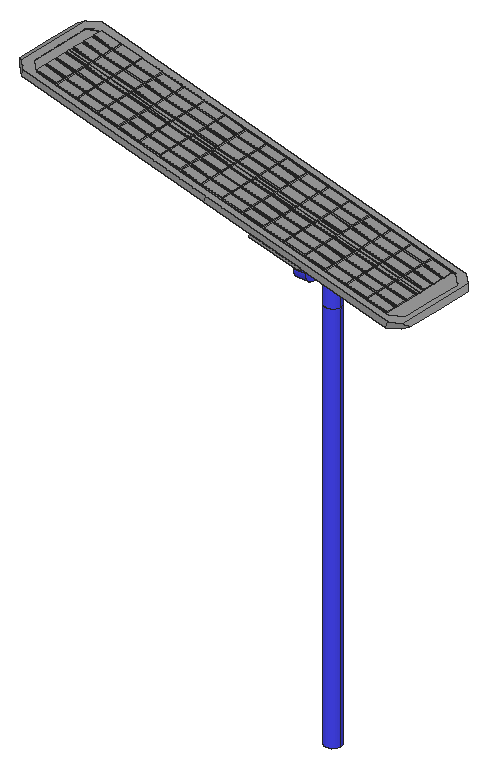
Revit family "BLS-10 & 8A", category Lighting Fixtures, host Face, Revit 2023 (continued)
Types (3, lengths in ft): name | Wattage Comments | Wattage | Type Comments | Photometric Web File | built-in parameter 1150142 | Model | built-in parameter 1150105 | Lumens | built-in parameter 1150106 | Description
  BLS-8A | "45.3" | 45.3 W | "APPLICATION: The BLS-8A is ideal for temporary lighting, \r\npathways, parking areas, public walkways, parks and roads.\r\nSPECIFICATIONS\r\nSolar Panel 75W, 16.2V\r\nLI-ION Battery 577.2 Wh, 39 Ah, 14.8V\r\nLumen Output\r\n3030 LEDS 180-190lpw @ 150mA, 5.8-6V\r\nOperation Time 36 hrs (after full charge)\r\nDischarge Time\r\nDischarge Operating Temperature -20° to 60°C (-4° to 140°F)\r\nCharge Time 10-12 hrs minimum\r\nCharge Operating Temperature 0° to 60°C ( 32° to 140°F)\r\nMin. Solar Direct Normal Irradiance 0.2 KWh/m2\r\nOperation Mode (Green Light) 5 hrs @ 100% + 7 hrs @ 30%\r\n(+ PIR 100%)\r\nOperation Mode (Orange Light) 5 hrs @ 70% + 7 hrs @ 30%\r\n(+ PIR 100%)\r\nOperation Mode (Red Light) 12 hrs @ 30% (+ PIR 100%)\r\nMounting Height 19 - 26 ft\r\nEffective Projected Area (EPA) 6.4 ft2\r\nCertifications IP65 / ROHS / FCC\r\nWeight 45.0 lb / 20.4 kg\r\nWarranty 3 years\r\nUpon proper installation and start-up, Beghelli does not guarantee product performance meets specified performance levels. Unknown \r\nenvironmental conditions effect performance. In no event shall Beghelli be liable for special, incidental or consequential damages related directly or \r\nindirectly to the lack of product functionality and / or performance. \r\nADVANTAGES\r\n• Integrated Solution\r\n• Environmentally Friendly\r\n• Easy Installation\r\n• $0 Energy Costs\r\n• PIR Motion Sensor\r\n• 3 Lighting Modes\r\nEXTRUDED ALUMINUM FRAMING \r\nWITH CLEAR ANODIZED FINISH\r\nSOLAR PANEL - 75W\r\nOPERATION MODES SWITCH\r\n(on/ off- depress long 1.5 sec)\r\n61.5\"\r\n15\"\r\n381 mm\r\n1563 mm\r\nOPERATION MODES \r\nLIGHT INDICATOR\r\nFABRICATED STEEL POST TOP MOUNTING \r\nBRACKET WITH GRAY PAINTED FINISH\r\n160 MID POWER LED\r\nPIR MOTION SENSOR\r\nSLIP-FIT FOR 2.75\" O.D \r\nX 5\" LONG TENON\r\n2.75\" O.D X 5\" TENON/\r\nPOLE (BY OTHERS)\r\nBATTERY\r\n6518 lm @ 5700°K\r\n1\r\n (5 SCDM)\r\n(2)\r\nSET SCREWS (PROVIDED)\r\nBLS-8A\r\nType II / B2-U1-G1\r\nSystem Power Delivery 45.3W\r\nThe LUCE SOLARE BLS-8A is a solar street and area lighting \r\nsolution that integrates the solar panel, battery and LED module \r\ninto a single low-profile fixture. BLS-8A utilitizes battery \r\ntechnology that will not drain below 10% capacity to \r\nensure reliable re-charge for maximum performance.\r\nThe BLS-8A design eliminates bulky external battery \r\nboxes, while maximizing light output by using high \r\nefficiency mono-crystalline silicon solar cells and LEDs.\r\nThe BLS-8A incorporates a night sensor that detects \r\nambient light to automatically turn the fixture on/off. An \r\ni" | "BLS-8A-5700°K.ies" | "IESNA:LM-63-2002\r\n[TEST] -         \r\n[TESTLAB] BEGHELLI         \r\n[TESTDATE] 2017-2-14         \r\n[ISSUEDATE] 2017-2-14 15:9:47        \r\n[NEARFIELD]          \r\n[LAMPPOSITION] \"0,0\"         \r\n[OTHER] \r\n[MANUFAC] BEGHELLI\r\n[LUMCAT] BLS-8A-5700°K         \r\n[OTHER] TOTAL LUMINAIRE WATTS REPRESENT LUMINAIRE POWER DELIVERY\r\nTILT=NONE\r\n1 8148.29 0.8 181 17 1 2 0 0 0\r\n1 1 45.3\r\n0 1 2 3 4 5 6 7 8 9 10 11 12 13 14 15 16 17 18 19 20 21 22 23 24 25 26 27 28 29 30 31 32 33 34 35 36 37 38 39 40 41 42 43 44 45 46 47 48 49 50 51 52 53 54 55 56 57 58 59 60 61 62 63 64 65 66 67 68 69 70 71 72 73 74 75 76 77 78 79 80 81 82 83 84 85 86 87 \r\n88 89 90 91 92 93 94 95 96 97 98 99 100 101 102 103 104 105 106 107 108 109 110 111 112 113 114 115 116 117 118 119 120 121 122 123 124 125 126 127 128 129 130 131 132 133 134 135 136 137 138 139 140 141 142 143 144 145 146 147 148 149 150 151 152 153 154\r\n 155 156 157 158 159 160 161 162 163 164 165 166 167 168 169 170 171 172 173 174 175 176 177 178 179 180\r\n0 22.5 45 67.5 90 112.5 135 157.5 180 202.5 225 247.5 270 292.5 315 337.5 360\r\n2778.373 2776.36 2769.34 2760.71 2753.45 2749.21 2738.30 2723.71 2716.47 2713.69 2716.39 2722.41 2736.17 2743.92 2750.02 2751.42 2751.50 2766.57 2790.61 2808.37 2818.06 2832.08 2837.95 2839.33 2821.98 2776.76 2733.98 2686.47 2641.99 2596.19 2559.61 \r\n2525.13 2490.60 2453.51 2424.92 2394.20 2354.50 2307.43 2249.64 2164.99 2074.62 1998.02 1920.44 1852.02 1794.89 1751.95 1720.49 1718.21 1751.54 1876.69 2059.71 2027.12 1761.07 1506.84 1210.74 982.33 846.50 755.90 698.94 651.11 615.18 587.06 560.90 540.70 \r\n513.01 487.00 455.30 449.69 433.87 426.64 410.50 394.76 385.15 366.18 353.79 345.22 345.64 341.08 262.60 185.68 136.72 130.51 137.93 79.76 40.56 32.41 22.56 14.25 8.53 3.32 0.00 0.00 0.00 0.00 0.00 0.00 0.00 0.00 0.00 0.00 0.00 0.00 0.00 0.00 0.00 0.00 \r\n0.00 0.00 0.00 0.00 0.00 0.00 0.00 0.00 0.00 0.00 0.00 0.00 0.00 0.00 0.00 0.00 0.00 0.00 0.00 0.00 0.00 0.00 0.00 0.00 0.00 0.00 0.00 0.00 0.00 0.00 0.00 0.00 0.00 0.00 0.00 0.00 0.00 0.00 0.00 0.00 0.00 0.00 0.00 0.00 0.00 0.00 0.00 0.00 0.00 0.00 0.00 \r\n0.00 0.00 0.00 0.00 0.00 0.00 0.00 0.00 0.00 0.00 0.00 0.00 0.00 0.00 0.00 0.00 0.00 0.00 0.00 0.00 0.00 0.00 0.00 0.00\r\n2778.373 2777.09 2772.04 2759.65 2746.29 2739.19 2733.98 2725.51 2722.08 2722.08 2729.58 2739.36 2747.75 2749.78 2758.09 2771.13 2783.43 2791.10 2796.71 2803.32 2803.00 2795.58 2789.96 2787.92 2781.49 2776.68 2767.05 2746.29 2718.98 2682.73 2639.21 \r\n2593.10 2541.26 2490.52 2446.51 2409.51 2371.05 2329.42 2283.87 2222.68 2154.30 2081.37 1994.11 1915.39 1833.26 1759.60 1701.51 1656.04 1637.46 1634.37 1660.20 1810.78 1956.80 1866.27 1603.41 1381.44 1161.60 1022.44 922.45 869.17 820.43 782.05 744.25 \r\n704.49 669.94 639.63 608.49 591.46 575.75 556.84 532.06 516.34 491.66 475.11 460.86 436.33 409.52 371.06 347.34 327.79 295.76 228.70 173.78 122.62 116.26 91.48 47.57 32.33 25.40 17.41 10.34 3.24 0.08 0.00 0.00 0.00 0.00 0.00 0.00 0.00 0.00 0.00 0.00 0.00 \r\n0.00 0.00 0.00 0.00 0.00 0.00 0.00 0.00 0.00 0.00 0.00 0.00 0.00 0.00 0.00 0.00 0.00 0.00 0.00 0.00 0.00 0.00 0.00 0.00 0.00 0.00 0.00 0.00 0.00 0.00 0.00 0.00 0.00 0.00 0.00 0.00 0.00 0.00 0.00 0.00 0.00 0.00 0.00 0.00 0.00 0.00 0.00 0.00 0.00 0.00 0.00 \r\n0.00 0.00 0.00 0.00 0.00 0.00 0.00 0.00 0.00 0.00 0.00 0.00 0.00 0.00 0.00 0.00 0.00 0.00 0.00 0.00 0.00 0.00 0.00 0.00 0.40 0.00\r\n2778.373 2785.97 2785.16 2770.24 2755.01 2744.16 2743.51 2751.34 2764.05 2772.28 2778.55 2782.70 2786.37 2786.05 2786.05 2772.77 2756.63 2743.51 2731.94 2723.38 2722.89 2722.41 2703.34 2682.49 2669.76 2651.52 2644.51 2642.07 2638.80 2632.77 2626.74 \r\n2616.48 2605.15 2589.26 2572.32 2547.14 2536.94 2527.74 2515.19 2493.92 2468.43 2444.80 2418.24 2384.50 2339.93 2282.23 2223.65 2166.12 2098.66 2007.56 1904.81 1834.57 1788.36 1772.40 1769.79 1768.40 1783.15 1856.98 1820.06 1696.62 1557.28 1414.04 1317.73\r\n 1259.78 1218.16 1186.62 1168.61 1156.31 1132.91 1110.83 1054.86 967.35 866.88 775.30 692.99 630.75 582.42 551.46 516.66 480.24 431.93 374.32 323.95 289.65 270.19 233.75 187.49 148.11 120.01 100.70 68.68 44.64 18.65 5.53 0.00 0.00 0.00 0.00 0.00 0.00 0.00\r\n 0.00 0.00 0.00 0.00 0.00 0.00 0.00 0.00 0.00 0.00 0.00 0.00 0.00 0.00 0.00 0.00 0.00 0.00 0.00 0.00 0.00 0.00 0.00 0.00 0.00 0.00 0.00 0.00 0.00 0.00 0.00 0.00 0.00 0.00 0.00 0.00 0.00 0.00 0.00 0.00 0.00 0.00 0.00 0.00 0.00 0.00 0.00 0.00 0.00 0.00 0.00\r\n 0.00 0.00 0.00 0.00 0.00 0.00 0.00 0.00 0.00 0.00 0.00 0.00 0.00 0.00 0.00 0.00 0.00 0.00 0.00 0.00 0.40 0.40 0.40 0.40 0.40 0.40 0.40 0.40 0.00\r\n2778.373 2786.37 2778.47 2755.98 2736.74 2724.45 2720.45 2719.55 2719.47 2718.09 2719.47 2726.00 2730.31 2731.77 2733.15 2728.51 2728.02 2729.91 2734.07 2746.45 2757.93 2761.36 2760.14 2760.54 2769.34 2775.45 2793.23 2789.31 2751.91 2725.83 2714.01 \r\n2699.36 2685.00 2685.98 2712.88 2744.65 2763.30 2759.65 2732.99 2702.85 2689.16 2693.49 2711.25 2713.36 2707.25 2698.13 2695.52 2702.45 2709.45 2712.39 2711.99 2707.01 2702.19 2698.78 2688.83 2678.74 2688.18 2662.52 2628.37 2572.57 2486.59 2380.92 2212.16\r\n 2063.87 1956.55 1792.60 1642.52 1514.99 1446.87 1474.74 1409.40 1277.81 1146.93 973.95 804.37 674.42 645.65 668.38 626.84 541.76 441.70 382.94 379.70 325.51 264.56 253.80 223.41 155.13 114.87 106.15 87.73 57.92 34.60 17.65 3.73 0.00 0.00 0.00 0.00 0.00 \r\n0.00 0.00 0.00 0.00 0.00 0.00 0.00 0.00 0.00 0.00 0.00 0.00 0.00 0.00 0.00 0.00 0.00 0.00 0.00 0.00 0.00 0.00 0.00 0.00 0.00 0.00 0.00 0.00 0.00 0.00 0.00 0.00 0.00 0.00 0.00 0.00 0.00 0.00 0.00 0.00 0.00 0.00 0.00 0.00 0.00 0.00 0.00 0.00 0.00 0.00 0.00 \r\n0.00 0.00 0.00 0.00 0.00 0.00 0.00 0.00 0.00 0.00 0.00 0.00 0.00 0.00 0.00 0.00 0.00 0.00 0.00 0.00 0.00 0.00 0.00 0.00 0.00 0.00 0.00 0.89 0.89 0.00\r\n2778.373 2792.88 2786.46 2769.42 2745.14 2733.74 2737.64 2754.34 2777.49 2798.52 2823.93 2839.83 2831.60 2819.21 2803.40 2781.81 2752.39 2724.53 2699.52 2684.11 2684.11 2683.78 2691.53 2735.20 2770.64 2766.81 2766.48 2769.18 2767.72 2757.04 2729.83 \r\n2722.49 2725.17 2741.64 2742.46 2730.31 2709.70 2693.57 2679.95 2669.76 2661.38 2650.54 2637.17 2623.97 2614.61 2605.89 2593.18 2582.50 2567.84 2548.20 2537.35 2528.63 2522.69 2525.96 2537.67 2544.28 2527.50 2472.34 2397.94 2305.05 2206.86 2089.85 1972.69\r\n 1853.96 1778.51 1762.29 1796.69 1767.19 1629.07 1462.36 1278.62 1115.15 1014.77 1036.93 1072.05 991.39 852.38 728.19 660.00 566.77 431.76 439.83 453.11 359.00 261.55 187.38 142.17 107.46 86.11 74.71 63.62 47.99 34.12 19.54 7.23 0.00 0.00 0.40 0.00 1.29 \r\n0.89 0.89 0.89 0.89 0.89 1.29 1.29 1.29 1.29 1.29 1.29 1.29 1.29 1.29 1.29 1.29 1.29 1.29 1.29 1.29 1.29 1.29 1.29 1.29 1.29 1.29 1.29 1.29 1.29 1.29 1.29 1.29 1.29 1.29 1.29 1.29 1.29 1.29 1.29 1.29 1.29 1.29 1.29 1.29 1.29 1.29 1.29 1.29 1.29 1.29 1.29 \r\n1.29 1.29 1.29 1.29 1.29 1.29 1.29 1.29 1.29 1.29 1.29 1.29 1.29 1.29 1.29 1.29 1.29 0.89 0.89 0.89 0.89 0.89 0.89 1.29 0.40 0.40 0.40 0.40 0.40 0.00\r\n2778.373 2791.50 2786.54 2768.53 2751.50 2748.40 2754.02 2777.25 2816.20 2825.57 2811.88 2778.22 2728.83 2665.94 2613.54 2578.67 2574.59 2582.66 2585.77 2579.32 2559.21 2532.87 2523.75 2529.87 2546.58 2560.02 2561.07 2552.35 2535.24 2521.80 2518.05 \r\n2516.35 2521.15 2549.17 2579.97 2591.95 2591.54 2594.57 2604.74 2615.51 2617.86 2612.16 2596.84 2582.58 2565.55 2550.41 2526.04 2500.37 2479.67 2456.70 2432.65 2403.41 2354.85 2299.68 2233.42 2165.15 2093.68 2013.42 1920.95 1834.00 1753.00 1676.97 1607.81\r\n 1538.21 1455.02 1349.58 1243.17 1143.92 1048.02 934.92 838.35 754.35 679.63 615.58 538.26 453.92 383.12 341.89 310.11 263.25 218.04 187.22 166.78 148.45 124.41 91.00 62.48 43.66 36.17 35.18 28.83 18.24 9.28 0.89 0.00 0.00 0.00 0.00 0.40 0.89 0.40 1.37 \r\n0.89 0.89 0.89 0.89 0.89 0.89 0.89 0.89 0.89 0.89 0.89 0.89 0.89 0.89 0.89 0.89 0.89 0.89 0.89 0.89 0.89 0.89 0.89 0.89 0.89 0.89 0.89 0.89 0.89 0.89 0.89 0.89 0.89 0.89 0.89 0.89 0.89 0.89 0.89 0.89 0.89 0.89 0.89 0.89 0.89 0.89 0.89 0.89 0.89 0.89 0.89 \r\n0.89 0.89 0.89 0.89 0.89 0.89 0.89 0.89 0.89 0.89 0.89 0.89 0.89 0.89 0.89 0.89 0.89 0.89 0.89 0.89 0.89 0.89 0.89 0.89 0.89 0.89 0.89 0.00\r\n2778.373 2787.35 2774.72 2753.45 2734.39 2712.88 2699.02 2684.11 2645.98 2581.61 2504.93 2431.02 2369.18 2319.71 2281.99 2272.87 2254.29 2201.90 2158.78 2135.97 2120.91 2111.12 2098.66 2084.23 2070.79 2054.57 2035.43 2013.92 1991.51 1966.08 1947.91 \r\n1936.34 1936.34 1937.23 1936.82 1936.34 1935.77 1930.97 1914.83 1893.56 1863.33 1832.94 1802.79 1778.43 1762.71 1744.45 1727.74 1709.66 1691.49 1673.41 1650.66 1614.89 1567.96 1506.27 1431.07 1351.79 1272.98 1197.30 1123.87 1060.55 1014.04 965.56 899.23 \r\n806.66 707.18 613.48 533.13 490.27 471.52 433.71 381.81 334.39 297.31 276.29 258.12 246.55 235.80 215.91 193.99 167.68 147.87 148.19 142.17 130.51 105.34 68.84 43.74 30.54 27.85 25.80 17.09 7.40 0.00 0.00 0.00 0.00 0.00 0.00 0.00 0.40 0.00 0.00 0.89 0.89 \r\n1.37 1.37 1.37 1.37 1.37 1.37 1.37 1.37 1.37 1.37 1.37 1.37 1.37 1.37 1.37 1.37 1.37 1.37 1.37 1.37 1.37 1.37 1.37 1.37 1.37 1.37 1.37 1.37 1.37 1.37 1.37 1.37 1.37 1.37 1.37 1.37 1.37 1.37 1.37 1.37 0.89 0.89 0.89 0.89 0.89 0.89 0.89 0.89 0.89 0.89 0.89 \r\n0.89 0.89 0.89 0.89 0.89 0.89 0.89 0.89 0.89 0.89 0.89 0.89 0.89 0.89 0.89 0.89 0.40 0.40 0.40 0.40 0.40 0.40 0.40 0.40 0.40 0.00\r\n2778.373 2781.73 2763.54 2729.42 2688.99 2652.81 2616.40 2547.14 2488.71 2450.83 2409.51 2355.98 2286.63 2228.70 2186.09 2152.03 2129.30 2110.87 2090.68 2069.25 2038.44 1989.14 1929.99 1863.09 1789.27 1712.60 1622.72 1531.45 1449.81 1373.87 1301.83 \r\n1237.38 1170.16 1106.35 1050.54 995.05 946.81 900.45 856.70 814.25 771.95 733.17 699.93 672.70 648.84 630.91 618.20 605.08 593.75 584.14 578.92 575.58 572.40 568.16 563.76 554.88 537.45 518.46 491.40 466.72 449.93 440.56 436.33 428.99 412.69 388.90 364.29\r\n 346.69 342.94 342.45 329.99 294.30 260.65 256.57 274.10 293.32 276.45 218.28 150.57 108.35 106.96 118.54 112.59 92.71 69.49 61.17 60.04 47.57 29.07 17.65 8.21 0.00 0.00 0.00 0.00 0.00 0.00 0.00 0.00 0.00 0.00 0.00 0.00 0.00 0.00 0.00 0.00 0.00 0.00 0.00 \r\n0.00 0.00 0.00 0.00 0.00 0.00 0.00 0.00 0.00 0.00 0.00 0.00 0.00 0.00 0.00 0.40 1.29 0.89 0.89 0.89 0.89 0.89 0.89 0.89 0.89 0.89 0.89 0.89 0.89 0.89 0.89 0.89 0.89 0.89 0.89 0.89 0.89 0.89 0.89 0.89 0.89 0.89 0.89 0.89 0.89 0.89 0.89 0.89 0.89 0.89 0.89 \r\n0.89 0.89 0.89 0.89 0.89 0.89 0.89 0.89 0.89 0.89 0.89 0.89 0.89 0.89 0.89 0.89 0.89 0.89 0.89 0.00\r\n2778.373 2780.17 2762.25 2732.59 2705.13 2673.77 2612.00 2522.53 2455.63 2416.77 2400.06 2344.00 2272.79 2229.36 2188.44 2147.31 2104.61 2058.97 2015.54 1968.29 1915.72 1845.33 1756.27 1658.56 1546.45 1419.17 1282.69 1155.73 1041.74 942.41 851.55 773.41 \r\n723.14 681.59 646.79 619.42 593.91 574.68 556.34 536.64 520.58 502.74 485.53 470.96 459.22 449.28 440.56 432.09 422.15 415.30 410.98 405.
    04 404.13 403.64 404.13 404.64 406.58 411.23 416.44 428.42 439.67 452.29 451.73 447.49 434.87 414.25 409.36 416.76 \r\n422.80 411.47 381.08 344.98 311.50 268.72 214.13 167.27 162.63 174.75 171.75 151.21 126.92 109.58 94.02 44.56 11.80 0.00 0.00 0.00 0.00 0.00 0.00 0.00 0.00 0.00 0.00 0.00 0.00 0.00 0.00 0.00 0.00 0.00 0.00 0.00 0.00 0.00 0.00 0.00 0.00 0.00 0.00 0.00 0.00\r\n 0.00 0.00 0.00 0.00 0.00 0.00 0.00 0.00 0.00 0.00 0.00 0.00 0.00 0.00 0.00 0.00 0.00 0.00 0.00 0.00 0.00 0.00 0.00 0.00 0.00 0.00 0.00 0.00 0.00 0.00 0.00 0.00 0.40 0.40 0.40 0.40 0.40 0.40 0.40 0.40 0.40 0.40 0.40 0.40 0.40 0.40 0.40 0.40 0.40 0.40 0.40\r\n 0.40 0.40 0.40 0.40 0.40 0.40 0.40 0.40 0.40 0.40 0.40 0.00 0.00 0.00 0.00 0.00 0.00\r\n2778.373 2767.64 2750.26 2728.59 2700.65 2686.81 2646.47 2572.16 2506.96 2460.76 2411.80 2339.76 2250.05 2198.97 2166.45 2144.93 2122.85 2097.11 2069.25 2032.90 1986.46 1932.02 1868.78 1801.09 1723.26 1642.36 1562.01 1491.78 1430.91 1362.13 1288.15 \r\n1214.41 1150.20 1090.87 1037.18 985.03 936.38 884.40 829.31 783.68 738.46 700.98 669.12 648.84 631.97 615.75 601.09 588.86 583.48 576.23 570.52 566.37 559.04 548.61 536.22 523.83 511.20 488.96 466.80 450.82 442.10 440.73 435.03 416.44 388.26 361.19 343.83\r\n 345.96 356.55 354.27 332.02 296.18 279.07 287.62 308.88 294.06 238.31 165.47 112.02 100.62 107.70 107.87 99.07 83.33 69.97 61.83 45.61 28.18 18.16 12.36 0.89 0.00 0.00 0.00 0.00 0.00 0.00 0.00 0.00 0.00 0.00 0.00 0.00 0.00 0.00 0.40 0.00 0.00 0.00 0.00 \r\n0.00 0.00 0.00 0.00 0.00 0.00 0.00 0.00 0.00 0.00 0.00 0.00 0.00 0.40 0.89 0.89 0.89 0.89 0.89 0.89 0.40 0.40 0.40 0.40 0.40 0.40 0.40 0.40 0.40 0.40 0.40 0.40 0.40 0.40 0.89 0.00 0.00 0.00 0.00 0.00 0.00 0.00 0.40 0.00 0.00 0.00 0.00 0.00 0.00 0.00 0.00 \r\n0.00 0.00 0.00 0.00 0.00 0.00 0.00 0.00 0.00 0.00 0.00 0.00 0.00 0.00 0.00 0.00 0.00 0.00 0.00 0.00\r\n2778.373 2756.31 2744.41 2726.64 2726.64 2726.00 2715.55 2678.25 2597.74 2506.31 2421.90 2351.66 2303.02 2280.28 2280.86 2262.60 2207.04 2160.26 2133.78 2127.82 2125.88 2120.24 2111.95 2096.62 2079.67 2058.56 2033.46 2005.27 1981.90 1960.71 1950.60 \r\n1945.06 1946.54 1951.10 1951.10 1949.05 1940.33 1930.80 1909.37 1872.87 1834.81 1809.47 1784.95 1763.60 1750.48 1739.24 1723.91 1697.27 1659.62 1612.86 1564.78 1508.72 1443.87 1368.58 1286.85 1208.04 1137.08 1078.25 1029.03 982.83 926.37 850.66 753.79 \r\n649.24 561.08 504.85 476.49 450.17 413.60 368.69 328.43 297.88 276.53 266.43 252.25 233.91 209.89 183.90 164.74 156.91 153.25 148.85 132.24 93.86 61.43 35.92 29.39 27.93 24.18 14.73 6.99 0.00 0.00 0.00 0.00 0.00 0.00 0.00 0.40 0.00 0.00 0.00 0.40 1.29 \r\n0.89 1.29 1.29 1.29 1.29 1.29 1.29 1.29 1.29 1.29 1.29 1.29 1.29 1.29 1.29 1.29 1.29 1.29 1.29 1.29 1.29 1.29 1.29 1.29 1.29 1.29 1.29 1.29 1.29 1.29 1.29 1.29 1.29 1.29 1.29 1.29 1.29 1.29 1.29 1.29 1.29 0.89 0.89 0.89 0.89 0.89 0.89 0.89 0.89 0.89 0.89 \r\n0.89 0.89 0.89 0.89 0.89 0.89 0.89 0.89 0.89 0.89 0.89 0.89 0.89 0.89 0.89 0.89 0.89 0.89 0.89 0.89 0.89 0.89 1.29 0.40 0.40 0.00\r\n2778.373 2744.81 2730.88 2733.07 2757.69 2785.48 2813.02 2827.36 2817.25 2788.16 2740.65 2678.17 2615.35 2589.44 2593.58 2611.03 2614.35 2597.66 2566.36 2521.88 2490.92 2482.27 2482.45 2492.62 2495.48 2494.74 2488.39 2486.03 2489.28 2488.87 2492.71 \r\n2516.83 2542.42 2565.71 2591.14 2607.28 2611.68 2617.62 2616.56 2607.20 2587.71 2568.90 2554.06 2537.78 2517.40 2499.06 2478.86 2458.89 2442.19 2423.53 2390.45 2343.03 2294.54 2237.75 2168.74 2089.93 2000.71 1910.02 1830.33 1750.64 1667.93 1566.49 1446.95\r\n 1333.61 1237.30 1143.84 1046.14 948.20 846.75 747.66 663.82 607.52 537.61 450.74 383.86 347.75 316.87 270.67 227.57 198.56 182.01 162.55 133.45 98.99 65.99 47.57 40.00 37.54 34.20 22.89 14.65 4.56 0.89 0.40 0.00 0.40 0.89 0.89 0.89 1.29 0.89 0.89 0.89 \r\n0.89 0.89 0.89 0.89 0.89 0.89 0.89 0.89 0.89 0.89 0.89 0.89 0.89 0.89 0.89 0.89 0.89 0.89 0.89 0.89 0.89 0.89 0.89 0.89 0.89 0.89 0.89 0.89 0.89 0.89 0.89 0.89 0.89 0.89 0.89 0.89 0.89 0.89 0.89 0.89 0.89 0.89 0.89 0.89 1.29 0.40 0.89 0.40 0.40 0.40 0.40 \r\n0.40 0.40 0.40 0.40 0.40 0.40 0.40 0.40 0.40 0.40 0.40 0.40 0.40 0.40 0.40 0.40 0.40 0.40 0.40 0.40 0.40 0.40 0.40 0.40 0.40 0.40 0.00\r\n2778.373 2731.69 2718.74 2717.76 2729.67 2754.58 2773.66 2794.93 2810.99 2824.43 2828.59 2827.28 2814.89 2791.34 2774.72 2752.31 2724.35 2706.27 2714.34 2732.50 2754.77 2791.18 2813.91 2823.69 2808.78 2797.20 2788.48 2788.83 2790.21 2794.36 2793.15 \r\n2792.64 2792.15 2782.38 2769.51 2753.61 2736.09 2726.40 2720.61 2715.07 2709.94 2709.78 2710.26 2700.57 2685.90 2671.32 2655.19 2640.11 2626.50 2622.34 2622.26 2624.15 2626.90 2612.33 2569.79 2514.22 2438.85 2348.72 2218.52 2076.57 1963.31 1922.25 1947.59\r\n 2006.50 2021.09 1949.94 1815.26 1608.94 1364.33 1276.25 1305.91 1336.06 1250.66 1099.12 967.11 892.71 868.10 644.76 484.64 440.56 363.80 313.52 265.45 207.35 156.26 111.29 89.93 73.81 55.96 37.14 27.61 15.79 7.64 1.37 0.00 0.00 0.00 0.00 0.00 0.00 0.00 \r\n0.00 0.00 0.00 0.00 0.00 0.00 0.00 0.00 0.00 0.00 0.00 0.00 0.00 0.00 0.00 0.00 0.00 0.00 0.00 0.00 0.00 0.00 0.00 0.00 0.00 0.00 0.00 0.00 0.00 0.00 0.00 0.00 0.00 0.00 0.00 0.00 0.00 0.00 0.00 0.00 0.00 0.00 0.00 0.00 0.00 0.00 0.00 0.00 0.00 0.00 0.00 \r\n0.00 0.89 0.40 0.40 1.29 0.89 0.89 0.89 0.89 0.89 0.89 0.89 0.89 0.89 0.89 0.89 0.89 0.89 0.89 0.89 0.89 0.89 0.89 0.89 0.89 0.89 0.89 0.89 0.00\r\n2778.373 2739.52 2719.14 2717.20 2709.94 2704.48 2718.17 2735.53 2743.43 2755.33 2769.26 2775.45 2777.41 2771.80 2767.05 2767.48 2778.55 2792.31 2798.92 2796.71 2788.83 2795.17 2806.99 2822.22 2838.76 2843.73 2865.74 2878.53 2880.41 2866.96 2854.90 \r\n2857.35 2901.26 2950.89 2968.98 2963.93 2912.76 2863.62 2829.72 2811.96 2802.84 2787.67 2777.49 2773.66 2774.07 2773.66 2789.64 2804.78 2822.80 2843.49 2862.48 2885.70 2902.97 2918.29 2919.52 2891.33 2830.05 2743.76 2650.30 2537.86 2383.03 2174.60 2030.86\r\n 1981.49 1956.96 1971.79 1978.55 1901.87 1753.09 1579.52 1322.61 1027.73 896.87 861.02 869.09 840.48 740.25 588.86 496.14 493.20 436.57 334.47 314.99 282.40 177.45 131.00 120.98 101.75 72.90 53.76 39.92 24.10 8.77 1.45 0.00 0.00 0.00 0.00 0.00 0.00 0.00 \r\n0.00 0.00 0.00 0.00 0.00 0.00 0.00 0.00 0.00 0.00 0.00 0.00 0.00 0.00 0.00 0.00 0.00 0.00 0.00 0.00 0.00 0.00 0.00 0.00 0.00 0.00 0.00 0.00 0.00 0.00 0.00 0.00 0.00 0.00 0.00 0.00 0.00 0.00 0.00 0.00 0.00 0.00 0.00 0.00 0.00 0.00 0.00 0.00 0.00 0.00 0.00 \r\n0.00 0.00 0.00 0.40 0.89 0.40 0.40 0.40 0.40 0.40 0.40 0.40 0.40 0.40 0.40 0.40 0.40 0.40 0.40 0.40 0.40 0.40 0.40 0.40 0.40 0.40 0.40 0.40 0.00\r\n2778.373 2752.31 2736.66 2729.18 2720.13 2718.09 2733.07 2753.85 2773.42 2788.75 2796.31 2797.44 2789.15 2782.95 2771.13 2764.05 2758.74 2748.16 2743.68 2756.96 2771.53 2783.92 2797.71 2800.79 2793.31 2765.51 2747.67 2732.83 2732.26 2744.49 2751.10 \r\n2738.95 2717.12 2693.39 2672.46 2652.41 2641.83 2632.21 2616.73 2598.24 2572.32 2542.82 2514.05 2490.02 2466.06 2429.40 2353.21 2281.10 2208.90 2140.29 2080.64 2035.75 2031.02 2032.73 2004.79 1959.00 1969.75 2030.21 1989.47 1852.91 1723.26 1599.58 1532.02\r\n 1500.82 1470.83 1424.79 1375.74 1310.96 1221.98 1121.52 998.88 877.14 773.66 697.07 674.75 653.64 620.96 570.04 495.32 421.08 356.55 324.29 313.04 291.86 247.53 200.50 171.35 141.20 110.55 77.80 44.96 20.27 6.83 0.16 0.00 0.00 0.00 0.00 0.00 0.00 0.00 \r\n0.00 0.00 0.00 0.00 0.00 0.00 0.00 0.00 0.00 0.00 0.00 0.00 0.00 0.00 0.00 0.00 0.00 0.00 0.00 0.00 0.00 0.00 0.00 0.00 0.00 0.00 0.00 0.00 0.00 0.00 0.00 0.00 0.00 0.00 0.00 0.00 0.00 0.00 0.00 0.00 0.00 0.00 0.00 0.00 0.00 0.00 0.00 0.00 0.00 0.00 0.00 \r\n0.00 0.00 0.00 0.00 0.00 0.00 0.00 0.00 0.00 0.00 0.00 0.00 0.00 0.00 0.00 0.00 0.00 0.00 0.00 0.40 0.40 0.40 0.40 0.89 1.29 0.89 0.89 0.89 0.00\r\n2778.373 2766.48 2758.25 2751.42 2740.49 2737.24 2748.89 2768.45 2783.27 2797.55 2801.19 2800.79 2801.19 2805.35 2808.70 2811.07 2810.57 2803.16 2794.44 2789.07 2789.07 2801.19 2814.81 2819.79 2816.28 2798.60 2768.13 2723.38 2677.02 2629.68 2568.01 \r\n2513.32 2456.70 2408.37 2361.76 2325.51 2300.65 2269.44 2241.25 2198.56 2141.10 2074.70 1997.54 1925.67 1850.45 1790.09 1739.97 1693.76 1667.28 1652.06 1671.93 1844.27 1986.21 1868.62 1619.21 1420.31 1218.32 1082.98 985.19 917.40 868.10 828.26 789.96 \r\n758.84 732.52 708.23 683.71 660.00 630.43 605.97 583.24 563.11 545.42 529.13 496.95 465.66 421.00 390.20 366.99 333.01 295.92 226.92 168.65 138.02 121.47 89.53 48.47 32.58 26.22 15.14 7.07 0.40 0.00 0.00 0.00 0.00 0.00 0.00 0.00 0.00 0.00 0.00 0.00 0.00 \r\n0.00 0.00 0.00 0.00 0.00 0.00 0.00 0.00 0.00 0.00 0.00 0.00 0.00 0.00 0.00 0.00 0.00 0.00 0.00 0.00 0.00 0.00 0.00 0.00 0.00 0.00 0.00 0.00 0.00 0.00 0.00 0.00 0.00 0.00 0.00 0.00 0.00 0.00 0.00 0.00 0.00 0.00 0.00 0.00 0.00 0.00 0.00 0.00 0.00 0.00 0.00 \r\n0.00 0.00 0.00 0.00 0.00 0.00 0.00 0.00 0.00 0.00 0.00 0.00 0.00 0.00 0.00 0.00 0.00 0.00 0.00 0.00 0.00 0.00 0.00 0.00 0.00 0.00\r\n2778.373 2776.36 2769.34 2760.71 2753.45 2749.21 2738.30 2723.71 2716.47 2713.69 2716.39 2722.41 2736.17 2743.92 2750.02 2751.42 2751.50 2766.57 2790.61 2808.37 2818.06 2832.08 2837.95 2839.33 2821.98 2776.76 2733.98 2686.47 2641.99 2596.19 2559.61 \r\n2525.13 2490.60 2453.51 2424.92 2394.20 2354.50 2307.43 2249.64 2164.99 2074.62 1998.02 1920.44 1852.02 1794.89 1751.95 1720.49 1718.21 1751.54 1876.69 2059.71 2027.12 1761.07 1506.84 1210.74 982.33 846.50 755.90 698.94 651.11 615.18 587.06 560.90 540.70 \r\n513.01 487.00 455.30 449.69 433.87 426.64 410.50 394.76 385.15 366.18 353.79 345.22 345.64 341.08 262.60 185.68 136.72 130.51 137.93 79.76 40.56 32.41 22.56 14.25 8.53 3.32 0.00 0.00 0.00 0.00 0.00 0.00 0.00 0.00 0.00 0.00 0.00 0.00 0.00 0.00 0.00 0.00 \r\n0.00 0.00 0.00 0.00 0.00 0.00 0.00 0.00 0.00 0.00 0.00 0.00 0.00 0.00 0.00 0.00 0.00 0.00 0.00 0.00 0.00 0.00 0.00 0.00 0.00 0.00 0.00 0.00 0.00 0.00 0.00 0.00 0.00 0.00 0.00 0.00 0.00 0.00 0.00 0.00 0.00 0.00 0.00 0.00 0.00 0.00 0.00 0.00 0.00 0.00 0.00 \r\n0.00 0.00 0.00 0.00 0.00 0.00 0.00 0.00 0.00 0.00 0.00 0.00 0.00 0.00 0.00 0.00 0.00 0.00 0.00 0.00 0.00 0.00 0.00 0.00\r\n" | "BLS-8A" | 519.1 (stored number, unit not read) | 6523.2 lm | 5.191 (stored number, unit not read) | "The LUCE SOLARE BLS-8A is a solar street and area lighting \r\nsolution that integrates the solar panel, battery and LED module \r\ninto a single low-profile fixture. BLS-8A utilitizes battery \r\ntechnology that will not drain below 10% capacity to \r\nensure reliable re-charge for maximum performance."
